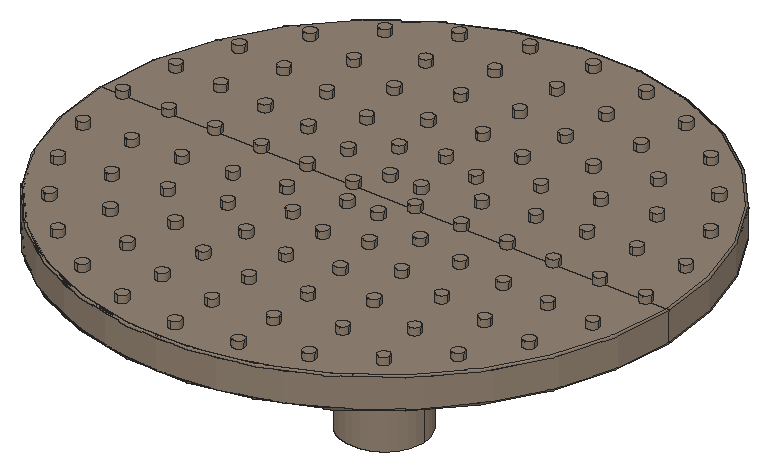
Revit family "Reece_Shower_Milli_Mood Edit_Shower Head_Round_180 mm", category Plumbing Fixtures, host Face, Revit 2018
Family settings
  Host = Face
  Round Connector Dimension = Use Diameter
  Part Type = Normal
  Cut with Voids When Loaded = No
  Shared = Yes
  Room Calculation Point = Yes
Parameters (values of type "PVD Brushed Bronze")
  WFU = 0  # constant formula
  URL = "https://www.reece.com.au/product/-9511097"
  Type Comments = "Shower"
  Reece_Shower_Inlet = 12 mm  # constant formula
  Reece_Product_Web Page = "https://www.reece.com.au/product/-9511097"
  Reece_Product_Type = "Shower"  # constant formula
  Reece_Product_Sub Brand = "Mood Edit"  # constant formula
  Reece_Product_Number = "9511097"
  Reece_Product_Mount = "Ceiling Mounted"
  Reece_Product_Description = "Milli Mood Edit Shower Head 180mm PVD Brushed Bronze (3 Star)"
  Reece_Product_Brand = "Milli"  # constant formula
  Reece_Overall_Radius = 0 mm
  Reece_Overall_Height = 65 mm  # constant formula
  Reece_Overall_Diameter = 180 mm  # constant formula
  Reece_Material_Main = Reece_PVD_Brushed Bronze
  Reece_Detail_Shape = "Round"  # constant formula
  Reece_Detail_Disclaimer = "THIS FILE IS THE PROPERTY OF THE REECE GROUP. IT MAY NOT BE REPRODUCED, REVERSE-ENGINEERED OR MODIFIED. ANY REPUBLICATION, TRANSMISSION OR DISTRIBUTION FOR THE PURPOSE OF COMMERCIALLY EXPLOITING THE FILES IS PROHIBITED."  # constant formula
  Reece_Detail_Additional = "Shower Head"  # constant formula
  Model = "Mood Edit"
  Manufacturer = "Milli"
  Keynote = "Product #9511097, Reece_Shower_Milli_Mood Edit_Shower Head_Round_180 mm - PVD Brushed Bronze"
  HWFU = 0  # constant formula
  Disclaimer = "THIS FILE IS THE PROPERTY OF THE REECE GROUP. IT MAY NOT BE REPRODUCED, REVERSE-ENGINEERED OR MODIFIED. ANY REPUBLICATION, TRANSMISSION OR DISTRIBUTION FOR THE PURPOSE OF COMMERCIALLY EXPLOITING THE FILES IS PROHIBITED."  # constant formula
  Description = "Milli Mood Edit Shower Head 180mm PVD Brushed Bronze (3 Star)"
  Default Elevation = 0 mm
  CWFU = 0  # constant formula
Types (6, lengths in mm): name | URL | Reece_Product_Web Page | Reece_Product_Number | Reece_Product_Description | Reece_Material_Main | Keynote | Description
  Chrome | "https://www.reece.com.au/product/-2263291" | "https://www.reece.com.au/product/-2263291" | "2263291" | "Milli Mood Edit Shower Head 180mm Chrome (3 Star)" | Reece_Brass_Chrome | "Product #2263291, Reece_Shower_Milli_Mood Edit_Shower Head_Round_180 mm - Chrome" | "Milli Mood Edit Shower Head 180mm Chrome (3 Star)"
  Matte Black | "https://www.reece.com.au/product/-2281234" | "https://www.reece.com.au/product/-2281234" | "2281234" | "Milli Mood Edit Shower Head 180mm Matte Black (3 Star)" | Reece_Brass_Matte Black | "Product #2281234, Reece_Shower_Milli_Mood Edit_Shower Head_Round_180 mm - Matte Black" | "Milli Mood Edit Shower Head 180mm Matte Black (3 Star)"
  Brushed Gunmetal | "https://www.reece.com.au/product/-2281312" | "https://www.reece.com.au/product/-2281312" | "2281312" | "Milli Mood Edit Shower Head 180mm Brushed Gunmetal (3 Star)" | Reece_Brass_Brushed Gunmetal | "Product #2281312, Reece_Shower_Milli_Mood Edit_Shower Head_Round_180 mm - Brushed Gunmetal" | "Milli Mood Edit Shower Head 180mm Brushed Gunmetal (3 Star)"
  Brushed Nickel | "https://www.reece.com.au/product/-2299201" | "https://www.reece.com.au/product/-2299201" | "2299201" | "Milli Mood Edit Shower Head 180mm Brushed Nickel (3 Star)" | Reece_Brass_Brushed Nickel | "Product #2299201, Reece_Shower_Milli_Mood Edit_Shower Head_Round_180 mm - Brushed Nickel" | "Milli Mood Edit Shower Head 180mm Brushed Nickel (3 Star)"
  PVD Brushed Bronze | "https://www.reece.com.au/product/-9511097" | "https://www.reece.com.au/product/-9511097" | "9511097" | "Milli Mood Edit Shower Head 180mm PVD Brushed Bronze (3 Star)" | Reece_PVD_Brushed Bronze | "Product #9511097, Reece_Shower_Milli_Mood Edit_Shower Head_Round_180 mm - PVD Brushed Bronze" | "Milli Mood Edit Shower Head 180mm PVD Brushed Bronze (3 Star)"
  PVD Brushed Gold | "https://www.reece.com.au/product/-9510912" | "https://www.reece.com.au/product/-9510912" | "9510912" | "Milli Mood Edit Shower Head 180mm PVD Brushed Gold (3 Star)" | Reece_PVD_Brushed Gold | "Product #9510912, Reece_Shower_Milli_Mood Edit_Shower Head_Round_180 mm - PVD Brushed Gold" | "Milli Mood Edit Shower Head 180mm PVD Brushed Gold (3 Star)"
Reference planes
  plane 1 "Center (Front/Back)": y = 0
  plane 2: z = 0
  plane 3 "Center (Left/Right)": x = 0
  plane 4: z = 65
  plane 5: x = -90
  plane 6: x = 90
  plane 7: y = 90
  plane 8: y = -90
Forms (mm)
  Revolve 1, solid, material "Reece_PVD_Brushed Bronze" <- "Reece_Material_Main"
    sketch origin (0, 0, -187) x (1, 0, 0) y (0, 0, 1)
      loop
        line (0, 252) -> (0, 187) -> (12.5, 187) -> (12.5, 203.613) -> (8.826, 203.613) -> (8.827, 206.068)
        arc (8.827, 206.068) -> (8.971, 207.001) -> (9.388, 207.847) r 3.104
        line (9.388, 207.847) -> (10.786, 209.843) -> (15.575, 209.843) -> (15.753, 211.414)
        arc (15.753, 211.414) -> (15.782, 211.904) -> (15.76, 212.395) r 4.631
        line (15.76, 212.395) -> (15.62, 213.797)
        arc (15.62, 213.797) -> (15.586, 214.24) -> (15.575, 214.686) r 8.942
        line (15.575, 214.686) -> (15.575, 223.517)
        arc (15.575, 223.517) -> (15.598, 224.388) -> (15.667, 225.257) r 16.578
        line (15.667, 225.257) -> (15.841, 226.903)
        arc (15.841, 226.903) -> (15.869, 227.457) -> (15.839, 228.011) r 5.219
        line (15.839, 228.011) -> (15.576, 230.455) -> (12.98, 230.455) -> (12.98, 233.57) -> (16.679, 233.57) -> (16.679, 238.591)
        arc (16.679, 238.591) -> (16.933, 239.257) -> (17.566, 239.585) r 1
        arc (17.566, 239.585) -> (18.946, 239.844) -> (20.274, 240.298) r 9.765
        line (20.274, 240.298) -> (23.722, 241.762)
        arc (23.722, 241.762) -> (24.296, 241.94) -> (24.895, 242) r 3
        line (24.895, 242) -> (89.5, 242)
        arc (89.5, 242) -> (89.854, 242.146) -> (90, 242.5) r 0.5
        line (90, 242.5) -> (90, 251.5)
        arc (90, 251.5) -> (89.854, 251.854) -> (89.5, 252) r 0.5
        line (89.5, 252) -> (0, 252)
      axis (0, 252) -> (0, 187)
    angle from 0 to 360
  Extrusion 2, solid, material "Reece_PVD_Brushed Bronze" <- "Reece_Material_Main", detail levels fine
    sketch origin (-2.732, 0.108, 12) x (-1, 0, 0) y (0, -1, 0)
      loop
        circle (79.971, 0.108) r 1.8
      loop
        circle (65.376, 0.108) r 1.8
      loop
        circle (50.782, 0.108) r 1.8
      loop
        circle (36.188, 0.108) r 1.8
      loop
        circle (21.593, 0.108) r 1.8
      loop
        circle (6.998, 0.108) r 1.8
      loop
        circle (77.898, -18.295) r 1.8
      loop
        circle (63.056, -17.519) r 1.801
      loop
        circle (48.163, -16.429) r 1.8
      loop
        circle (33.224, -14.785) r 1.8
      loop
        circle (18.333, -12.054) r 1.8
      loop
        circle (71.781, -35.775) r 1.801
      loop
        circle (56.252, -33.946) r 1.801
      loop
        circle (40.562, -31.347) r 1.801
      loop
        circle (24.788, -27.412) r 1.801
      loop
        circle (9.431, -20.957) r 1.801
      loop
        circle (12.162, -35.848) r 1.801
      loop
        circle (28.723, -43.185) r 1.801
      loop
        circle (45.429, -48.051) r 1.801
      loop
        circle (61.927, -51.455) r 1.8
      loop
        circle (48.833, -64.551) r 1.801
      loop
        circle (33.152, -74.404) r 1.8
      loop
        circle (31.322, -58.875) r 1.801
      loop
        circle (13.805, -50.786) r 1.801
      loop
        circle (14.896, -65.679) r 1.801
      loop
        circle (15.671, -80.521) r 1.8
      loop
        circle (2.138, -8.345) r 1.8
    from 53 to 55
  Extrusion 3, void
    sketch origin (0, 0, -2.387) x (1, 0, 0) y (0, 1, 0)
      loop
        line (-11.941, 3.005) -> (-14, 3.005) -> (-14, -3.005) -> (-11.941, -3.005) -> (-11.941, 3.005)
      loop
        line (11.961, 3.005) -> (11.961, -3.005) -> (14, -3.005) -> (14, 3.005) -> (11.961, 3.005)
    from 14 to 19
  Extrusion 4, solid, material "Reece_PVD_Brushed Bronze" <- "Reece_Material_Main", detail levels fine
    sketch origin (0.108, 2.732, 12) x (0, 1, 0) y (-1, 0, 0)
      loop
        circle (79.971, 0.108) r 1.8
      loop
        circle (65.376, 0.108) r 1.8
      loop
        circle (50.782, 0.108) r 1.8
      loop
        circle (36.188, 0.108) r 1.8
      loop
        circle (21.593, 0.108) r 1.8
      loop
        circle (5.672, -4.81) r 1.8
      loop
        circle (77.898, -18.295) r 1.8
      loop
        circle (63.056, -17.519) r 1.801
      loop
        circle (48.163, -16.429) r 1.8
      loop
        circle (33.224, -14.785) r 1.8
      loop
        circle (18.333, -12.054) r 1.8
      loop
        circle (71.781, -35.775) r 1.801
      loop
        circle (56.252, -33.946) r 1.801
      loop
        circle (40.562, -31.347) r 1.801
      loop
        circle (24.788, -27.412) r 1.801
      loop
        circle (9.431, -20.957) r 1.801
      loop
        circle (12.162, -35.848) r 1.801
      loop
        circle (28.723, -43.185) r 1.801
      loop
        circle (45.429, -48.051) r 1.801
      loop
        circle (61.927, -51.455) r 1.8
      loop
        circle (48.833, -64.551) r 1.801
      loop
        circle (33.152, -74.404) r 1.8
      loop
        circle (31.322, -58.875) r 1.801
      loop
        circle (13.805, -50.786) r 1.801
      loop
        circle (14.896, -65.679) r 1.801
      loop
        circle (15.671, -80.521) r 1.8
    from 53 to 55
  Extrusion 5, solid, material "Reece_PVD_Brushed Bronze" <- "Reece_Material_Main", detail levels fine
    sketch origin (2.732, -0.108, 12) x (1, 0, 0) y (0, 1, 0)
      loop
        circle (79.971, 0.108) r 1.8
      loop
        circle (65.376, 0.108) r 1.8
      loop
        circle (50.782, 0.108) r 1.8
      loop
        circle (36.188, 0.108) r 1.8
      loop
        circle (21.593, 0.108) r 1.8
      loop
        circle (6.998, 0.108) r 1.8
      loop
        circle (77.898, -18.295) r 1.8
      loop
        circle (63.056, -17.519) r 1.801
      loop
        circle (48.163, -16.429) r 1.8
      loop
        circle (33.224, -14.785) r 1.8
      loop
        circle (18.333, -12.054) r 1.8
      loop
        circle (71.781, -35.775) r 1.801
      loop
        circle (56.252, -33.946) r 1.801
      loop
        circle (40.562, -31.347) r 1.801
      loop
        circle (24.788, -27.412) r 1.801
      loop
        circle (9.431, -20.957) r 1.801
      loop
        circle (12.162, -35.848) r 1.801
      loop
        circle (28.723, -43.185) r 1.801
      loop
        circle (45.429, -48.051) r 1.801
      loop
        circle (61.927, -51.455) r 1.8
      loop
        circle (48.833, -64.551) r 1.801
      loop
        circle (33.152, -74.404) r 1.8
      loop
        circle (31.322, -58.875) r 1.801
      loop
        circle (13.805, -50.786) r 1.801
      loop
        circle (14.896, -65.679) r 1.801
      loop
        circle (15.671, -80.521) r 1.8
      loop
        circle (2.138, -8.345) r 1.8
    from 53 to 55
  Extrusion 6, solid, material "Reece_PVD_Brushed Bronze" <- "Reece_Material_Main", detail levels fine
    sketch origin (-0.108, -2.732, 12) x (0, -1, 0) y (1, 0, 0)
      loop
        circle (79.971, 0.108) r 1.8
      loop
        circle (65.376, 0.108) r 1.8
      loop
        circle (50.782, 0.108) r 1.8
      loop
        circle (36.188, 0.108) r 1.8
      loop
        circle (21.593, 0.108) r 1.8
      loop
        circle (77.898, -18.295) r 1.8
      loop
        circle (63.056, -17.519) r 1.801
      loop
        circle (48.163, -16.429) r 1.8
      loop
        circle (33.224, -14.785) r 1.8
      loop
        circle (18.333, -12.054) r 1.8
      loop
        circle (71.781, -35.775) r 1.801
      loop
        circle (56.252, -33.946) r 1.801
      loop
        circle (40.562, -31.347) r 1.801
      loop
        circle (24.788, -27.412) r 1.801
      loop
        circle (9.431, -20.957) r 1.801
      loop
        circle (12.162, -35.848) r 1.801
      loop
        circle (28.723, -43.185) r 1.801
      loop
        circle (45.429, -48.051) r 1.801
      loop
        circle (61.927, -51.455) r 1.8
      loop
        circle (48.833, -64.551) r 1.801
      loop
        circle (33.152, -74.404) r 1.8
      loop
        circle (31.322, -58.875) r 1.801
      loop
        circle (13.805, -50.786) r 1.801
      loop
        circle (14.896, -65.679) r 1.801
      loop
        circle (15.671, -80.521) r 1.8
      loop
        circle (5.73, -4.796) r 1.8
    from 53 to 55
Cuts and joins
  joined: Extrusion 2, Extrusion 4, Extrusion 5, Extrusion 6
  Extrusion 3 cuts Revolve 1
Text (mm)
  text "Reece Copyright © 2018, Reece Ltd." at (-684.407, -223.434, 0), in view "Ref. Level"
  text "Reece ©" at (290.323, 26.521, 334.836), in view "Reece_Preview"
Dimensions and locks
  "Reece_Overall_Height": plane 4 to plane 2
  plane 3 "Center (Left/Right)" to plane 5 = 90 mm
  equal spacing: plane 8, plane 1 "Center (Front/Back)", plane 7
  "Reece_Overall_Diameter": plane 8 to plane 7
  equal spacing: plane 5, plane 3 "Center (Left/Right)", plane 6
  "Reece_Overall_Diameter": plane 5 to plane 6
  aligned and locked: plane 2 to host face
  aligned and locked: level to host face
  aligned and locked: Revolve 1 sketch curve to plane 4
Automatic sketch dimensions
  host sketch curve to host sketch curve = 407.898 mm
  host sketch curve to host sketch curve = 410.737 mm
  Extrusion 3 sketch curve to plane 1 "Center (Front/Back)" = 3.005 mm  (x2)
  Extrusion 3 sketch curve to plane 3 "Center (Left/Right)" = 14 mm
  Extrusion 3 sketch curve to Extrusion 3 sketch curve = 2.059 mm
  plane 3 "Center (Left/Right)" to Extrusion 3 sketch curve = 11.961 mm
  Extrusion 3 sketch curve to Extrusion 3 sketch curve = 2.039 mm
  plane 1 "Center (Front/Back)" to Extrusion 3 sketch curve = 3.005 mm  (x2)
  plane 3 "Center (Left/Right)" to Revolve 1 sketch curve = 0 mm
  Revolve 1 sketch curve to plane 3 "Center (Left/Right)" = 0 mm
  Revolve 1 sketch curve to level = 0 mm
  plane 3 "Center (Left/Right)" to Revolve 1 sketch curve = 8.826 mm
  Revolve 1 sketch curve to Revolve 1 sketch curve = 0.001 mm  (x2)
  Revolve 1 sketch curve to Revolve 1 sketch curve = 0.561 mm
  plane 3 "Center (Left/Right)" to Revolve 1 sketch curve = 10.65 mm
  Revolve 1 sketch curve to Revolve 1 sketch curve = 1.398 mm
  Revolve 1 sketch curve to Revolve 1 sketch curve = 0.365 mm
  Revolve 1 sketch curve to Revolve 1 sketch curve = 3.104 mm
  plane 3 "Center (Left/Right)" to Revolve 1 sketch curve = 12.5 mm
  Revolve 1 sketch curve to Revolve 1 sketch curve = 2.329 mm
  Revolve 1 sketch curve to Revolve 1 sketch curve = 4.424 mm
  Revolve 1 sketch curve to Revolve 1 sketch curve = 4.789 mm
  Revolve 1 sketch curve to Revolve 1 sketch curve = 2.596 mm
  Revolve 1 sketch curve to Revolve 1 sketch curve = 0.044 mm
  Revolve 1 sketch curve to Revolve 1 sketch curve = 0.091 mm
  Revolve 1 sketch curve to Revolve 1 sketch curve = 0.178 mm
  Revolve 1 sketch curve to Revolve 1 sketch curve = 0.006 mm
  Revolve 1 sketch curve to Revolve 1 sketch curve = 0.264 mm
  Revolve 1 sketch curve to plane 4 = 2.714 mm
  Revolve 1 sketch curve to Revolve 1 sketch curve = 3.479 mm
  Revolve 1 sketch curve to Revolve 1 sketch curve = 1.104 mm
  Revolve 1 sketch curve to Revolve 1 sketch curve = 1 mm
  Revolve 1 sketch curve to Revolve 1 sketch curve = 2.595 mm
  Revolve 1 sketch curve to plane 4 = 10.238 mm
  Revolve 1 sketch curve to Revolve 1 sketch curve = 3.448 mm
  Revolve 1 sketch curve to Revolve 1 sketch curve = 8.942 mm
  Revolve 1 sketch curve to Revolve 1 sketch curve = 1.172 mm
  Revolve 1 sketch curve to Revolve 1 sketch curve = 7.636 mm
  Revolve 1 sketch curve to plane 4 = 0.5 mm
  level to Revolve 1 sketch curve = 16.613 mm
  Revolve 1 sketch curve to Revolve 1 sketch curve = 2.454 mm
  Revolve 1 sketch curve to Revolve 1 sketch curve = 2.455 mm
  Revolve 1 sketch curve to Revolve 1 sketch curve = 1.996 mm
  Revolve 1 sketch curve to Revolve 1 sketch curve = 1.571 mm
  Revolve 1 sketch curve to Revolve 1 sketch curve = 2.092 mm
  Revolve 1 sketch curve to Revolve 1 sketch curve = 1.401 mm
  Revolve 1 sketch curve to Revolve 1 sketch curve = 8.832 mm
  Revolve 1 sketch curve to Revolve 1 sketch curve = 1.647 mm
  Revolve 1 sketch curve to Revolve 1 sketch curve = 0.548 mm
  Revolve 1 sketch curve to Revolve 1 sketch curve = 2.444 mm  (x2)
  Revolve 1 sketch curve to Revolve 1 sketch curve = 3.115 mm
  Revolve 1 sketch curve to Revolve 1 sketch curve = 5.021 mm
  Revolve 1 sketch curve to Revolve 1 sketch curve = 2.762 mm
  Revolve 1 sketch curve to Revolve 1 sketch curve = 0.713 mm
  Revolve 1 sketch curve to Revolve 1 sketch curve = 796.6 mm
  Revolve 1 sketch curve to Revolve 1 sketch curve = 113.4 mm
  Revolve 1 sketch curve to Revolve 1 sketch curve = 57.346 mm
  Revolve 1 sketch curve to Revolve 1 sketch curve = 0 mm
  Extrusion 2 sketch curve to plane 3 "Center (Left/Right)" = 4.87 mm
  Extrusion 2 sketch curve to plane 1 "Center (Front/Back)" = 0 mm  (x6)
  Extrusion 2 sketch curve to plane 3 "Center (Left/Right)" = 9.73 mm
  Extrusion 2 sketch curve to plane 3 "Center (Left/Right)" = 12.163 mm
  Extrusion 2 sketch curve to plane 3 "Center (Left/Right)" = 14.894 mm
  Extrusion 2 sketch curve to Extrusion 2 sketch curve = 1.643 mm
  Extrusion 2 sketch curve to Extrusion 2 sketch curve = 1.091 mm  (x2)
  Extrusion 2 sketch curve to Extrusion 2 sketch curve = 0.775 mm  (x2)
  Extrusion 2 sketch curve to Extrusion 2 sketch curve = 8.902 mm
  Extrusion 2 sketch curve to Extrusion 2 sketch curve = 3.26 mm
  Extrusion 2 sketch curve to Extrusion 2 sketch curve = 12.626 mm
  Extrusion 2 sketch curve to Extrusion 2 sketch curve = 3.935 mm  (x2)
  Extrusion 2 sketch curve to Extrusion 2 sketch curve = 2.599 mm  (x2)
  Extrusion 2 sketch curve to Extrusion 2 sketch curve = 1.829 mm
  Extrusion 2 sketch curve to Extrusion 2 sketch curve = 14.891 mm  (x2)
  Extrusion 2 sketch curve to Extrusion 2 sketch curve = 14.595 mm
  Extrusion 2 sketch curve to Extrusion 2 sketch curve = 15.774 mm  (x2)
  Extrusion 2 sketch curve to Extrusion 2 sketch curve = 4.867 mm
  Extrusion 2 sketch curve to Extrusion 2 sketch curve = 14.939 mm
  Extrusion 2 sketch curve to Extrusion 2 sketch curve = 3.404 mm  (x2)
  Extrusion 2 sketch curve to Extrusion 2 sketch curve = 14.594 mm  (x2)
  Extrusion 2 sketch curve to Extrusion 2 sketch curve = 15.69 mm  (x2)
  Extrusion 2 sketch curve to Extrusion 2 sketch curve = 16.498 mm
  Extrusion 2 sketch curve to Extrusion 2 sketch curve = 14.893 mm  (x2)
  plane 5 to Extrusion 2 sketch curve = 15.487 mm
  plane 5 to Extrusion 2 sketch curve = 9.37 mm
  plane 5 to Extrusion 2 sketch curve = 7.297 mm
  Extrusion 2 sketch curve to plane 1 "Center (Front/Back)" = 8.454 mm
  Extrusion 2 sketch curve to plane 1 "Center (Front/Back)" = 12.162 mm
  Extrusion 2 sketch curve to plane 1 "Center (Front/Back)" = 14.893 mm
  Extrusion 2 sketch curve to Extrusion 2 sketch curve = 1.644 mm
  Extrusion 2 sketch curve to Extrusion 2 sketch curve = 8.904 mm
  Extrusion 2 sketch curve to Extrusion 2 sketch curve = 12.627 mm
  Extrusion 2 sketch curve to Extrusion 2 sketch curve = 1.83 mm
  Extrusion 2 sketch curve to Extrusion 2 sketch curve = 16.705 mm
  Extrusion 2 sketch curve to Extrusion 2 sketch curve = 14.938 mm
  Extrusion 2 sketch curve to Extrusion 2 sketch curve = 16.5 mm
  Extrusion 2 sketch curve to Extrusion 2 sketch curve = 15.529 mm
  Extrusion 2 sketch curve to Extrusion 2 sketch curve = 14.842 mm
  plane 3 "Center (Left/Right)" to Extrusion 5 sketch curve = 4.87 mm
  plane 1 "Center (Front/Back)" to Extrusion 5 sketch curve = 0 mm  (x6)
  plane 3 "Center (Left/Right)" to Extrusion 5 sketch curve = 9.73 mm
  plane 3 "Center (Left/Right)" to Extrusion 5 sketch curve = 12.163 mm
  plane 3 "Center (Left/Right)" to Extrusion 5 sketch curve = 14.894 mm
  Extrusion 5 sketch curve to Extrusion 5 sketch curve = 1.643 mm
  Extrusion 5 sketch curve to Extrusion 5 sketch curve = 1.091 mm  (x2)
  Extrusion 5 sketch curve to Extrusion 5 sketch curve = 0.775 mm  (x2)
  Extrusion 5 sketch curve to Extrusion 5 sketch curve = 8.902 mm
  Extrusion 5 sketch curve to Extrusion 5 sketch curve = 3.26 mm
  Extrusion 5 sketch curve to Extrusion 5 sketch curve = 12.626 mm
  Extrusion 5 sketch curve to Extrusion 5 sketch curve = 3.935 mm  (x2)
  Extrusion 5 sketch curve to Extrusion 5 sketch curve = 2.599 mm  (x2)
  Extrusion 5 sketch curve to Extrusion 5 sketch curve = 1.829 mm
  Extrusion 5 sketch curve to Extrusion 5 sketch curve = 14.891 mm  (x2)
  Extrusion 5 sketch curve to Extrusion 5 sketch curve = 14.595 mm
  Extrusion 5 sketch curve to Extrusion 5 sketch curve = 15.774 mm  (x2)
  Extrusion 5 sketch curve to Extrusion 5 sketch curve = 4.867 mm
  Extrusion 5 sketch curve to Extrusion 5 sketch curve = 14.939 mm
  Extrusion 5 sketch curve to Extrusion 5 sketch curve = 3.404 mm  (x2)
  Extrusion 5 sketch curve to Extrusion 5 sketch curve = 14.594 mm  (x2)
  Extrusion 5 sketch curve to Extrusion 5 sketch curve = 15.69 mm  (x2)
  Extrusion 5 sketch curve to Extrusion 5 sketch curve = 16.498 mm
  Extrusion 5 sketch curve to Extrusion 5 sketch curve = 14.893 mm  (x2)
  plane 6 to Extrusion 5 sketch curve = 15.487 mm
  plane 6 to Extrusion 5 sketch curve = 9.37 mm
  plane 6 to Extrusion 5 sketch curve = 7.297 mm
  plane 1 "Center (Front/Back)" to Extrusion 5 sketch curve = 8.454 mm
  plane 1 "Center (Front/Back)" to Extrusion 5 sketch curve = 12.162 mm
  plane 1 "Center (Front/Back)" to Extrusion 5 sketch curve = 14.893 mm
  Extrusion 5 sketch curve to Extrusion 5 sketch curve = 1.644 mm
  Extrusion 5 sketch curve to Extrusion 5 sketch curve = 8.904 mm
  Extrusion 5 sketch curve to Extrusion 5 sketch curve = 12.627 mm
  Extrusion 5 sketch curve to Extrusion 5 sketch curve = 1.83 mm
  Extrusion 5 sketch curve to Extrusion 5 sketch curve = 16.705 mm
  Extrusion 5 sketch curve to Extrusion 5 sketch curve = 14.938 mm
  Extrusion 5 sketch curve to Extrusion 5 sketch curve = 16.5 mm
  Extrusion 5 sketch curve to Extrusion 5 sketch curve = 15.529 mm
  Extrusion 5 sketch curve to Extrusion 5 sketch curve = 14.842 mm
  plane 1 "Center (Front/Back)" to Extrusion 6 sketch curve = 8.462 mm
  plane 1 "Center (Front/Back)" to Extrusion 6 sketch curve = 12.163 mm
  plane 1 "Center (Front/Back)" to Extrusion 6 sketch curve = 14.894 mm
  Extrusion 6 sketch curve to Extrusion 6 sketch curve = 1.643 mm
  Extrusion 6 sketch curve to Extrusion 6 sketch curve = 1.091 mm  (x2)
  Extrusion 6 sketch curve to Extrusion 6 sketch curve = 0.775 mm  (x2)
  Extrusion 6 sketch curve to Extrusion 6 sketch curve = 8.902 mm
  Extrusion 6 sketch curve to plane 3 "Center (Left/Right)" = 0 mm  (x5)
  Extrusion 6 sketch curve to Extrusion 6 sketch curve = 3.26 mm
  Extrusion 6 sketch curve to Extrusion 6 sketch curve = 12.626 mm
  Extrusion 6 sketch curve to Extrusion 6 sketch curve = 3.935 mm  (x2)
  Extrusion 6 sketch curve to Extrusion 6 sketch curve = 2.599 mm  (x2)
  Extrusion 6 sketch curve to Extrusion 6 sketch curve = 1.829 mm
  Extrusion 6 sketch curve to Extrusion 6 sketch curve = 14.891 mm  (x2)
  Extrusion 6 sketch curve to Extrusion 6 sketch curve = 14.595 mm  (x2)
  Extrusion 6 sketch curve to Extrusion 6 sketch curve = 15.774 mm  (x2)
  Extrusion 6 sketch curve to Extrusion 6 sketch curve = 4.867 mm
  Extrusion 6 sketch curve to Extrusion 6 sketch curve = 14.939 mm
  Extrusion 6 sketch curve to Extrusion 6 sketch curve = 3.404 mm  (x2)
  Extrusion 6 sketch curve to Extrusion 6 sketch curve = 14.594 mm  (x2)
  Extrusion 6 sketch curve to Extrusion 6 sketch curve = 15.69 mm  (x2)
  Extrusion 6 sketch curve to Extrusion 6 sketch curve = 16.498 mm
  Extrusion 6 sketch curve to Extrusion 6 sketch curve = 14.893 mm  (x2)
  Extrusion 6 sketch curve to Extrusion 6 sketch curve = 15.529 mm
  Extrusion 6 sketch curve to Extrusion 6 sketch curve = 14.841 mm
  Extrusion 6 sketch curve to plane 3 "Center (Left/Right)" = 4.905 mm
  Extrusion 6 sketch curve to plane 3 "Center (Left/Right)" = 12.162 mm
  Extrusion 6 sketch curve to plane 3 "Center (Left/Right)" = 14.893 mm
  Extrusion 6 sketch curve to Extrusion 6 sketch curve = 1.644 mm
  Extrusion 6 sketch curve to Extrusion 6 sketch curve = 8.904 mm
  Extrusion 6 sketch curve to Extrusion 6 sketch curve = 12.627 mm
  Extrusion 6 sketch curve to Extrusion 6 sketch curve = 1.83 mm
  Extrusion 6 sketch curve to Extrusion 6 sketch curve = 16.705 mm
  Extrusion 6 sketch curve to Extrusion 6 sketch curve = 14.938 mm
  Extrusion 6 sketch curve to Extrusion 6 sketch curve = 16.5 mm
  plane 5 to Extrusion 6 sketch curve = 15.488 mm
  plane 5 to Extrusion 6 sketch curve = 9.371 mm
  Extrusion 4 sketch curve to plane 1 "Center (Front/Back)" = 12.163 mm
  Extrusion 4 sketch curve to plane 1 "Center (Front/Back)" = 14.894 mm
  Extrusion 4 sketch curve to Extrusion 4 sketch curve = 1.643 mm
  Extrusion 4 sketch curve to Extrusion 4 sketch curve = 1.091 mm  (x2)
  Extrusion 4 sketch curve to Extrusion 4 sketch curve = 0.775 mm  (x2)
  Extrusion 4 sketch curve to Extrusion 4 sketch curve = 8.902 mm
  plane 3 "Center (Left/Right)" to Extrusion 4 sketch curve = 0 mm  (x5)
  Extrusion 4 sketch curve to Extrusion 4 sketch curve = 3.26 mm
  Extrusion 4 sketch curve to Extrusion 4 sketch curve = 12.626 mm
  Extrusion 4 sketch curve to Extrusion 4 sketch curve = 3.935 mm  (x2)
  Extrusion 4 sketch curve to Extrusion 4 sketch curve = 2.599 mm  (x2)
  Extrusion 4 sketch curve to Extrusion 4 sketch curve = 1.829 mm
  Extrusion 4 sketch curve to Extrusion 4 sketch curve = 14.891 mm  (x2)
  Extrusion 4 sketch curve to Extrusion 4 sketch curve = 14.595 mm  (x2)
  Extrusion 4 sketch curve to Extrusion 4 sketch curve = 15.774 mm  (x2)
  Extrusion 4 sketch curve to Extrusion 4 sketch curve = 4.867 mm
  Extrusion 4 sketch curve to Extrusion 4 sketch curve = 14.939 mm
  Extrusion 4 sketch curve to Extrusion 4 sketch curve = 3.404 mm  (x2)
  Extrusion 4 sketch curve to Extrusion 4 sketch curve = 14.594 mm  (x2)
  Extrusion 4 sketch curve to Extrusion 4 sketch curve = 15.69 mm  (x2)
  Extrusion 4 sketch curve to Extrusion 4 sketch curve = 16.498 mm
  Extrusion 4 sketch curve to Extrusion 4 sketch curve = 14.893 mm  (x2)
  Extrusion 4 sketch curve to Extrusion 4 sketch curve = 15.529 mm
  Extrusion 4 sketch curve to Extrusion 4 sketch curve = 14.841 mm
  plane 3 "Center (Left/Right)" to Extrusion 4 sketch curve = 4.918 mm
  plane 3 "Center (Left/Right)" to Extrusion 4 sketch curve = 12.162 mm
  plane 3 "Center (Left/Right)" to Extrusion 4 sketch curve = 14.893 mm
  Extrusion 4 sketch curve to Extrusion 4 sketch curve = 1.644 mm
  Extrusion 4 sketch curve to Extrusion 4 sketch curve = 8.904 mm
  Extrusion 4 sketch curve to Extrusion 4 sketch curve = 12.627 mm
  Extrusion 4 sketch curve to Extrusion 4 sketch curve = 1.83 mm
  Extrusion 4 sketch curve to Extrusion 4 sketch curve = 16.705 mm
  Extrusion 4 sketch curve to Extrusion 4 sketch curve = 14.938 mm
  Extrusion 4 sketch curve to Extrusion 4 sketch curve = 16.5 mm
  plane 6 to Extrusion 4 sketch curve = 15.488 mm
  plane 6 to Extrusion 4 sketch curve = 9.371 mm
  Extrusion 4 sketch curve to plane 1 "Center (Front/Back)" = 8.404 mm
  radius of Extrusion 2 sketch curve = 1.8 mm  (x14)
  radius of Extrusion 2 sketch curve = 1.801 mm  (x13)
  radius of Extrusion 5 sketch curve = 1.8 mm  (x14)
  radius of Extrusion 5 sketch curve = 1.801 mm  (x13)
  radius of Extrusion 6 sketch curve = 1.8 mm  (x13)
  radius of Extrusion 6 sketch curve = 1.801 mm  (x13)
  radius of Extrusion 4 sketch curve = 1.8 mm  (x13)
  radius of Extrusion 4 sketch curve = 1.801 mm  (x13)
Connectors
  piping at (0, 0, 0), diameter 12, driven by "Reece_Shower_Inlet"
    settings: on cut or joined group of Extrusion 2, Extrusion 4, Extrusion 5, Extrusion 6, index 1, connector inside diameter 609.6 mm, connector length 0 mm, flow factor 0, pipe flow 0.0 L/s, pressure drop 0.0 Pa, fitting loss kfactor 0, connector angle 0.00°, fixture units 0, engagement length 0 mm, angle of deflection 0.00°, flow configuration 0, flow direction 1, fitting loss method 0, system type 29, joint type 0, gender type 0, connector reference index -1, connector utility 0, adjustable connector no, is connector primary yes, connector description ""
